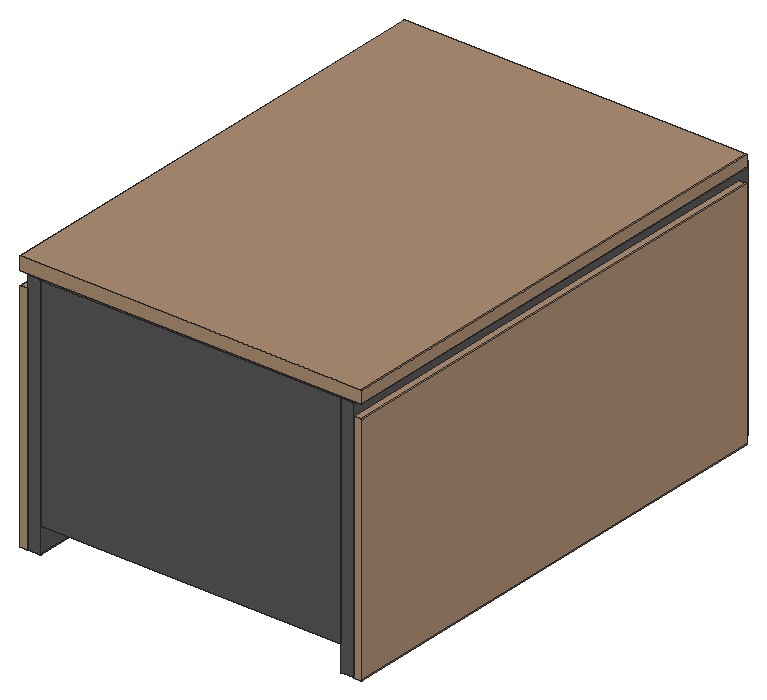
Revit family "Sanitary_Compound-Units_hansgrohe_54245XXX-Xilesa-E-Vanity-unit_430-330_handrise-basin_hinge-left", category Furniture, host Face, Revit 2022
Family settings
  Host = Face
  OmniClass Number = 23.21.19.15.33.13
  OmniClass Title = Residential Bathroom Specialty Casework
  Cut with Voids When Loaded = No
  Render Appearance Source = Family Geometry
  Shared = No
  Room Calculation Point = No
Parameters (values of type "550 Cashmere Oak")
  Version = 1  # constant formula
  URL = "https://www.hansgrohe.com/"
  Product data url = "https://www.bimobject.com/en/hansgrohe/product/54245XXX"
  Product Page URL = "https://www.hansgrohe.com/articledetail--54245550"
  Model = "54245XXX"  # constant formula
  Material 3 = Hansgrohe - Metal - Black
  Material 2 = Hansgrohe - MDF - Matt Black
  Material 1 = Hansgrohe - MDF - 550 Cashmere Oak
  Manufacturer = "Hansgrohe"  # constant formula
  Height = 0 mm
  Description = "Xilesa E Vanity unit 430/330 for handrinse basin, door hinge left"  # constant formula
  Default Elevation = 0 mm
  Date Updated = ""
  Date Created = "2024/02/03"  # constant formula
Types (5, lengths in mm): name | Material 1
  (no name) | Hansgrohe - MDF - 550 Cashmere Oak
  550 Cashmere Oak | Hansgrohe - MDF - 550 Cashmere Oak
  700 Matt White | Hansgrohe - MDF - 700 Matt White
  760 Slate Matt Grey | Hansgrohe - MDF - 760 Slate Matt Grey
  780 Sand Matt Beige | Hansgrohe - MDF - 780 Sand Matt Beige
Reference planes
  plane 1 "Center (Front/Back)": y = 0
  plane 2: z = 0
  plane 3 "Center (Left/Right)": x = 0
  plane 4: x = 215
  plane 5: x = -215
  plane 6: y = -620
  plane 7: z = 329
Dimensions and locks
  aligned and locked: plane 2 to host face
  aligned and locked: level to host face
Nested families
  nested 1: "54245XXX" at (0, -620, 0) x (1, 0, 0) z (0, 1, 0), Material 1 <- "Material 1", Material 2 <- "Material 2", Material 3 <- "Material 3", type "54245XXX"
    with Material 3 Hansgrohe - Metal - Black, Material 2 Hansgrohe - MDF - Matt Black, Material 1 Hansgrohe - MDF - 550 Cashmere Oak
Definition of nested family "54245XXX"
  Parameters (values of type "54245XXX")
    Version = 1  # constant formula
    URL = "https://www.hansgrohe.com/"
    Product data url = "https://www.bimobject.com/en/hansgrohe/product/54245XXX"
    Product Page URL = "https://www.hansgrohe.com/articledetail--54245550"
    Model = "54245XXX"  # constant formula
    Material 3 [instance] = none
    Material 2 [instance] = none
    Material 1 [instance] = none
    Manufacturer = "Hansgrohe"  # constant formula
    Description = "Xilesa E Vanity unit 430/330 for handrinse basin, door hinge left"  # constant formula
    Default Elevation = 1219.2 mm
    Date Updated = ""
    Date Created = "2024/12/16"  # constant formula
  Reference planes
    plane 1 "Center (Front/Back)": y = 0
    plane 2: z = 0
    plane 3 "Center (Left/Right)": x = 0
  Forms (mm)
    Extrusion 1, solid, material <- "Material 1", detail levels medium+fine
      sketch origin (0, 0, 0) x (1, 0, 0) y (0, 1, 0)
        loop
          line (-205.6, 0) -> (-214.2, 0)
          arc (-214.2, 0) -> (-214.766, -0.234) -> (-215, -0.8) r 0.8
          line (-215, -0.8) -> (-215, -293.9)
          arc (-215, -293.9) -> (-214.766, -294.466) -> (-214.2, -294.7) r 0.8
          line (-214.2, -294.7) -> (-205.6, -294.7)
          arc (-205.6, -294.7) -> (-205.034, -294.466) -> (-204.8, -293.9) r 0.8
          line (-204.8, -293.9) -> (-204.8, -0.8)
          arc (-204.8, -0.8) -> (-205.034, -0.234) -> (-205.6, 0) r 0.8
        loop
          arc (205.6, 0) -> (205.034, -0.234) -> (204.8, -0.8) r 0.8
          line (204.8, -0.8) -> (204.8, -293.9)
          arc (204.8, -293.9) -> (205.034, -294.466) -> (205.6, -294.7) r 0.8
          line (205.6, -294.7) -> (214.2, -294.7)
          arc (214.2, -294.7) -> (214.766, -294.466) -> (215, -293.9) r 0.8
          line (215, -293.9) -> (215, -0.8)
          arc (215, -0.8) -> (214.766, -0.234) -> (214.2, 0) r 0.8
          line (214.2, 0) -> (205.6, 0)
      from 0 to 605
    Extrusion 2, solid, material <- "Material 1", detail levels medium+fine
      sketch origin (0, 0, 0) x (1, 0, 0) y (0, 1, 0)
        loop
          line (-214.2, -328) -> (214.2, -328)
          arc (214.2, -328) -> (214.766, -327.766) -> (215, -327.2) r 0.8
          line (215, -327.2) -> (215, -312.5)
          arc (215, -312.5) -> (214.766, -311.934) -> (214.2, -311.7) r 0.8
          line (214.2, -311.7) -> (-214.2, -311.7)
          arc (-214.2, -311.7) -> (-214.766, -311.934) -> (-215, -312.5) r 0.8
          line (-215, -312.5) -> (-215, -327.2)
          arc (-215, -327.2) -> (-214.766, -327.766) -> (-214.2, -328) r 0.8
      from 0 to 605
    Extrusion 3, solid, material <- "Material 2", detail levels medium+fine
      sketch origin (0, 0, 0) x (1, 0, 0) y (0, 1, 0)
        loop
          line (-204.8, -0.8) -> (-204.8, -308.9)
          arc (-204.8, -308.9) -> (-204.566, -309.466) -> (-204, -309.7) r 0.8
          line (-204, -309.7) -> (-189.6, -309.7)
          arc (-189.6, -309.7) -> (-189.034, -309.466) -> (-188.8, -308.9) r 0.8
          line (-188.8, -308.9) -> (-188.8, -0.8)
          arc (-188.8, -0.8) -> (-189.034, -0.234) -> (-189.6, 0) r 0.8
          line (-189.6, 0) -> (-204, 0)
          arc (-204, 0) -> (-204.566, -0.234) -> (-204.8, -0.8) r 0.8
        loop
          arc (204.8, -0.8) -> (204.566, -0.234) -> (204, 0) r 0.8
          line (204, 0) -> (189.6, 0)
          arc (189.6, 0) -> (189.034, -0.234) -> (188.8, -0.8) r 0.8
          line (188.8, -0.8) -> (188.8, -308.9)
          arc (188.8, -308.9) -> (189.034, -309.466) -> (189.6, -309.7) r 0.8
          line (189.6, -309.7) -> (204, -309.7)
          arc (204, -309.7) -> (204.566, -309.466) -> (204.8, -308.9) r 0.8
          line (204.8, -308.9) -> (204.8, -0.8)
      from 0 to 620
    Extrusion 4, solid, material <- "Material 2", detail levels fine
      sketch origin (0, 0, 0) x (1, 0, 0) y (0, 1, 0)
        loop
          line (-188.8, -32.2) -> (-188.8, -48.2) -> (188.8, -48.2) -> (188.8, -32.2) -> (-188.8, -32.2)
      from 17 to 125.5
    Extrusion 5, solid, material <- "Material 2", detail levels fine
      sketch origin (0, 0, 0) x (1, 0, 0) y (0, 1, 0)
        loop
          line (-188.8, -32.2) -> (-188.8, -309.2) -> (188.8, -309.2) -> (188.8, -32.2) -> (-188.8, -32.2)
      from 0 to 17
    Extrusion 6, solid, material <- "Material 3", detail levels fine
      sketch origin (0, 0, 0) x (1, 0, 0) y (0, 1, 0)
        loop
          line (-187.3, -306.9) -> (-187.3, -279.2) -> (-188.8, -279.2) -> (-188.8, -306.9)
          arc (-188.8, -306.9) -> (-188.126, -308.526) -> (-186.5, -309.2) r 2.3
          line (-186.5, -309.2) -> (186.5, -309.2)
          arc (186.5, -309.2) -> (188.126, -308.526) -> (188.8, -306.9) r 2.3
          line (188.8, -306.9) -> (188.8, -279.2) -> (187.3, -279.2) -> (187.3, -306.9)
          arc (187.3, -306.9) -> (187.066, -307.466) -> (186.5, -307.7) r 0.8
          line (186.5, -307.7) -> (-186.5, -307.7)
          arc (-186.5, -307.7) -> (-187.066, -307.466) -> (-187.3, -306.9) r 0.8
      from 569.5 to 619.5
    Extrusion 7, solid, material <- "Material 1", detail levels coarse
      sketch origin (0, 0, 0) x (1, 0, 0) y (0, 1, 0)
        loop
          line (-215, 0) -> (-215, -328) -> (215, -328) -> (215, 0) -> (188.8, 0) -> (188.8, -311.7) -> (0, -311.7) -> (-188.8, -311.7) -> (-188.8, 0) -> (-215, 0)
      from 0 to 620
    Extrusion 8, solid, material <- "Material 3", detail levels fine
      sketch origin (-45.2, -89.925, 0) x (1, 0, 0) y (0, 0, 1)
        loop
          line (-119.8, 482) -> (-119.8, 540)
          arc (-119.8, 540) -> (-120.972, 542.829) -> (-123.8, 544) r 4
          line (-123.8, 544) -> (-138.8, 544)
          arc (-138.8, 544) -> (-141.628, 542.829) -> (-142.8, 540) r 4
          line (-142.8, 540) -> (-142.8, 482)
          arc (-142.8, 482) -> (-141.628, 479.172) -> (-138.8, 478) r 4
          line (-138.8, 478) -> (-123.8, 478)
          arc (-123.8, 478) -> (-120.972, 479.172) -> (-119.8, 482) r 4
      from 218.9 to 221.7
    Extrusion 9, solid, material <- "Material 3", detail levels fine
      sketch origin (-45.2, -89.925, 0) x (0, 1, 0) y (0, 0, 1)
        loop
          line (-149.706, 520.501) -> (-172.206, 520.501)
          arc (-172.206, 520.501) -> (-175.035, 521.672) -> (-176.206, 524.501) r 4
          line (-176.206, 524.501) -> (-176.206, 532.501)
          arc (-176.206, 532.501) -> (-176.938, 534.268) -> (-178.706, 535.001) r 2.5
          line (-178.706, 535.001) -> (-188.706, 535.001)
          arc (-188.706, 535.001) -> (-190.474, 534.268) -> (-191.206, 532.501) r 2.5
          line (-191.206, 532.501) -> (-191.206, 524.501)
          arc (-191.206, 524.501) -> (-192.378, 521.672) -> (-195.206, 520.501) r 4
          line (-195.206, 520.501) -> (-206.544, 520.501) -> (-206.544, 501.501) -> (-195.206, 501.501)
          arc (-195.206, 501.501) -> (-192.378, 500.329) -> (-191.206, 497.501) r 4
          line (-191.206, 497.501) -> (-191.206, 489.501)
          arc (-191.206, 489.501) -> (-190.474, 487.733) -> (-188.706, 487.001) r 2.5
          line (-188.706, 487.001) -> (-178.706, 487.001)
          arc (-178.706, 487.001) -> (-176.938, 487.733) -> (-176.206, 489.501) r 2.5
          line (-176.206, 489.501) -> (-176.206, 497.501)
          arc (-176.206, 497.501) -> (-175.035, 500.329) -> (-172.206, 501.501) r 4
          line (-172.206, 501.501) -> (-149.706, 501.501)
          arc (-149.706, 501.501) -> (-147.938, 502.233) -> (-147.206, 504.001) r 2.5
          line (-147.206, 504.001) -> (-147.206, 518.001)
          arc (-147.206, 518.001) -> (-147.938, 519.768) -> (-149.706, 520.501) r 2.5
      from -143.8 to -140.45
    Extrusion 10, solid, material <- "Material 3", detail levels fine
      sketch origin (-45.2, -89.925, 0) x (1, 0, 0) y (0, 1, 0)
        loop
          line (-126.45, -219.2) -> (-130.658, -160.187) -> (-133.066, -160.422) -> (-138.299, -155.486) -> (-138.299, -147.206) -> (-140.45, -147.206) -> (-140.45, -219.2) -> (-126.45, -219.2)
      from 504.25 to 517.75
    Extrusion 11, solid, material <- "Material 3", detail levels fine
      sketch origin (-45.2, -89.925, -417) x (1, 0, 0) y (0, 0, 1)
        loop
          line (-119.8, 482) -> (-119.8, 540)
          arc (-119.8, 540) -> (-120.972, 542.829) -> (-123.8, 544) r 4
          line (-123.8, 544) -> (-138.8, 544)
          arc (-138.8, 544) -> (-141.628, 542.829) -> (-142.8, 540) r 4
          line (-142.8, 540) -> (-142.8, 482)
          arc (-142.8, 482) -> (-141.628, 479.172) -> (-138.8, 478) r 4
          line (-138.8, 478) -> (-123.8, 478)
          arc (-123.8, 478) -> (-120.972, 479.172) -> (-119.8, 482) r 4
      from 218.9 to 221.7
    Extrusion 12, solid, material <- "Material 3", detail levels fine
      sketch origin (-45.2, -89.925, -417) x (0, 1, 0) y (0, 0, 1)
        loop
          line (-149.706, 520.501) -> (-172.206, 520.501)
          arc (-172.206, 520.501) -> (-175.035, 521.672) -> (-176.206, 524.501) r 4
          line (-176.206, 524.501) -> (-176.206, 532.501)
          arc (-176.206, 532.501) -> (-176.938, 534.268) -> (-178.706, 535.001) r 2.5
          line (-178.706, 535.001) -> (-188.706, 535.001)
          arc (-188.706, 535.001) -> (-190.474, 534.268) -> (-191.206, 532.501) r 2.5
          line (-191.206, 532.501) -> (-191.206, 524.501)
          arc (-191.206, 524.501) -> (-192.378, 521.672) -> (-195.206, 520.501) r 4
          line (-195.206, 520.501) -> (-206.544, 520.501) -> (-206.544, 501.501) -> (-195.206, 501.501)
          arc (-195.206, 501.501) -> (-192.378, 500.329) -> (-191.206, 497.501) r 4
          line (-191.206, 497.501) -> (-191.206, 489.501)
          arc (-191.206, 489.501) -> (-190.474, 487.733) -> (-188.706, 487.001) r 2.5
          line (-188.706, 487.001) -> (-178.706, 487.001)
          arc (-178.706, 487.001) -> (-176.938, 487.733) -> (-176.206, 489.501) r 2.5
          line (-176.206, 489.501) -> (-176.206, 497.501)
          arc (-176.206, 497.501) -> (-175.035, 500.329) -> (-172.206, 501.501) r 4
          line (-172.206, 501.501) -> (-149.706, 501.501)
          arc (-149.706, 501.501) -> (-147.938, 502.233) -> (-147.206, 504.001) r 2.5
          line (-147.206, 504.001) -> (-147.206, 518.001)
          arc (-147.206, 518.001) -> (-147.938, 519.768) -> (-149.706, 520.501) r 2.5
      from -143.8 to -140.45
    Extrusion 13, solid, material <- "Material 3", detail levels fine
      sketch origin (-45.2, -89.925, -417) x (1, 0, 0) y (0, 1, 0)
        loop
          line (-126.45, -219.2) -> (-130.658, -160.187) -> (-133.066, -160.422) -> (-138.299, -155.486) -> (-138.299, -147.206) -> (-140.45, -147.206) -> (-140.45, -219.2) -> (-126.45, -219.2)
      from 504.25 to 517.75
  Lines and regions (mm)
    Masking region 1
      outline origin (0, 0, 0) x (1, 0, 0) y (0, 1, 0)
        loop
          line (-189.6, 0) -> (-204.8, 0) -> (-214.2, 0)
          arc (-214.2, 0) -> (-214.766, -0.234) -> (-215, -0.8) r 0.8
          line (-215, -0.8) -> (-215, -293.9)
          arc (-215, -293.9) -> (-214.766, -294.466) -> (-214.2, -294.7) r 0.8
          line (-214.2, -294.7) -> (-204.8, -294.7) -> (-204.8, -311.7) -> (-214.2, -311.7)
          arc (-214.2, -311.7) -> (-214.766, -311.934) -> (-215, -312.5) r 0.8
          line (-215, -312.5) -> (-215, -327.2)
          arc (-215, -327.2) -> (-214.766, -327.766) -> (-214.2, -328) r 0.8
          line (-214.2, -328) -> (-45, -328) -> (214.2, -328)
          arc (214.2, -328) -> (214.766, -327.766) -> (215, -327.2) r 0.8
          line (215, -327.2) -> (215, -312.5)
          arc (215, -312.5) -> (214.766, -311.934) -> (214.2, -311.7) r 0.8
          line (214.2, -311.7) -> (204.8, -311.7) -> (204.8, -294.7) -> (214.2, -294.7)
          arc (214.2, -294.7) -> (214.766, -294.466) -> (215, -293.9) r 0.8
          line (215, -293.9) -> (215, -0.8)
          arc (215, -0.8) -> (214.766, -0.234) -> (214.2, 0) r 0.8
          line (214.2, 0) -> (204.8, 0) -> (189.6, 0)
          arc (189.6, 0) -> (189.034, -0.234) -> (188.8, -0.8) r 0.8
          line (188.8, -0.8) -> (188.8, -32.2) -> (-45, -32.2) -> (-188.8, -32.2) -> (-188.8, -0.8)
          arc (-188.8, -0.8) -> (-189.034, -0.234) -> (-189.6, 0) r 0.8
    Masking region 2
      outline origin (0, 0, 0) x (0, 1, 0) y (0, 0, 1)
        loop
          line (-0.8, 620) -> (-308.9, 620)
          arc (-308.9, 620) -> (-309.466, 619.766) -> (-309.7, 619.2) r 0.8
          line (-309.7, 619.2) -> (-309.7, 589.237) -> (-311.7, 589.237) -> (-311.7, 604.2)
          arc (-311.7, 604.2) -> (-311.934, 604.766) -> (-312.5, 605) r 0.8
          line (-312.5, 605) -> (-327.2, 605)
          arc (-327.2, 605) -> (-327.766, 604.766) -> (-328, 604.2) r 0.8
          line (-328, 604.2) -> (-328, 0.8)
          arc (-328, 0.8) -> (-327.766, 0.234) -> (-327.2, 0) r 0.8
          line (-327.2, 0) -> (-312.5, 0)
          arc (-312.5, 0) -> (-311.934, 0.234) -> (-311.7, 0.8) r 0.8
          line (-311.7, 0.8) -> (-311.7, 15.725) -> (-309.7, 15.725) -> (-309.7, 0.8)
          arc (-309.7, 0.8) -> (-309.466, 0.234) -> (-308.9, 0) r 0.8
          line (-308.9, 0) -> (-0.8, 0)
          arc (-0.8, 0) -> (-0.234, 0.234) -> (0, 0.8) r 0.8
          line (0, 0.8) -> (0, 619.2)
          arc (0, 619.2) -> (-0.234, 619.766) -> (-0.8, 620) r 0.8
    Masking region 3
      outline origin (0, 0, 0) x (1, 0, 0) y (0, 0, 1)
        loop
          line (-204.8, 605) -> (-215, 605) -> (-215, 0) -> (0, 0) -> (215, 0) -> (215, 605) -> (204.8, 605) -> (204.8, 619.5) -> (0, 619.5) -> (-204.8, 619.5) -> (-204.8, 605)
    symbolic lines, detail levels medium+fine
      curve 1: line (0, -48.2, 0) -> (-188.8, -48.2, 0)
      curve 2: line (-188.8, -32.2, 0) -> (-188.8, -309.2, 0)
      curve 3: line (-204.8, 0, 0) -> (-204.8, -294.7, 0)
      curve 4: line (-188.8, -309.2, 0) -> (0, -309.2, 0)
      curve 5: line (-204.8, -311.7, 0) -> (0, -311.7, 0)
      curve 6: line (-188.8, -309.2, 0) -> (-204.8, -309.2, 0)
      curve 11: line (0, -311.7, 589.237) -> (0, -311.7, 24.3)
      curve 12: line (0, -311.7, 24.3) -> (0, -309.7, 24.3)
      curve 13: line (0, -309.7, 24.3) -> (0, -309.7, 580.649)
      curve 14: line (0, -309.7, 580.649) -> (0, -311.7, 580.649)
      curve 15: line (0, -309.7, 24.3) -> (0, -309.7, 15.725)
      curve 16: line (0, -311.7, 24.3) -> (0, -311.7, 15.725)
      curve 17: line (0, -309.7, 589.237) -> (0, -309.7, 580.649)
      curve 21: line (-204.8, 0, 605) -> (204.8, 0, 605)
      curve 30: line (0, -48.2, 0) -> (188.8, -48.2, 0)
      curve 31: line (188.8, -32.2, 0) -> (188.8, -309.2, 0)
      curve 32: line (204.8, 0, 0) -> (204.8, -294.7, 0)
      curve 33: line (188.8, -309.2, 0) -> (0, -309.2, 0)
      curve 34: line (204.8, -311.7, 0) -> (0, -311.7, 0)
      curve 35: line (188.8, -309.2, 0) -> (204.8, -309.2, 0)
    symbolic lines, detail levels fine
      curve 7: line (0, -289.2, 0) -> (-188.8, -289.2, 0)
      curve 8: line (-165, -311.7, 0) -> (-165, -309.2, 0)
      curve 9: line (-188, -311.7, 0) -> (-188, -309.2, 0)
      curve 10: arc (-203.697, -309.2, 0) -> (-196.8, -311.7, 0) -> (-189.903, -309.2, 0) r 10.763
      curve 18: line (0, 0, 605) -> (0, -293.9, 605)
      curve 19: line (0, -294.7, 604.2) -> (0, -294.7, 0)
      curve 20: arc (0, -293.9, 605) -> (0, -294.466, 604.766) -> (0, -294.7, 604.2) r 0.8
      curve 22: line (-188.8, 0, 619.5) -> (-188.8, 0, 605)
      curve 23: line (-173.076, -289.2, 0) -> (-175.857, -250.206, 0)
      curve 24: line (-183.299, -237.206, 0) -> (-188.8, -237.206, 0)
      curve 25: line (-183.299, -245.486, 0) -> (-183.299, -237.206, 0)
      curve 26: line (-178.066, -250.422, 0) -> (-183.299, -245.486, 0)
      curve 27: line (-175.857, -250.206, 0) -> (-178.066, -250.422, 0)
      curve 28: line (-185.5, -237.206, 0) -> (-185.5, -289.2, 0)
      curve 29: line (-178.066, -250.422, 0) -> (-185.5, -251.148, 0)
      curve 36: line (0, -289.2, 0) -> (188.8, -289.2, 0)
      curve 37: arc (203.697, -309.2, 0) -> (196.8, -311.7, 0) -> (189.903, -309.2, 0) r 10.763
      curve 38: line (188.8, 0, 619.5) -> (188.8, 0, 605)
  Dimensions and locks
    aligned and locked: level to plane 2
